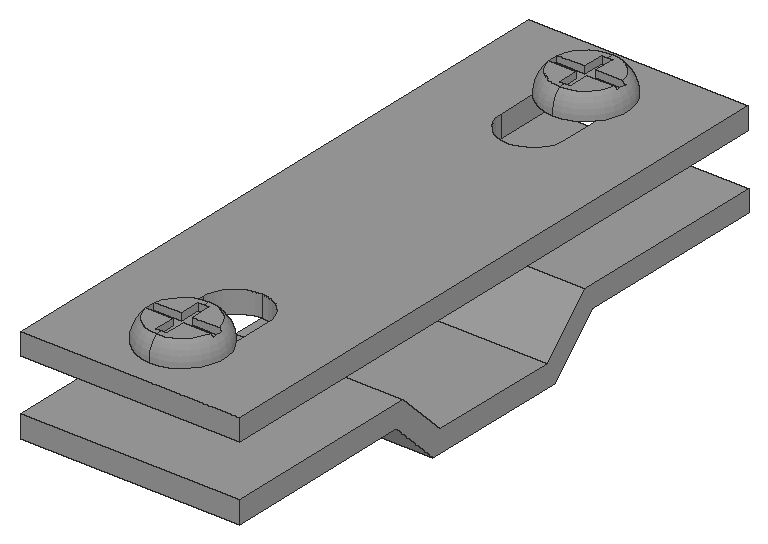
Revit family "Grapas para pletina tipo hebilla", category Equipos especializados, Revit 2017
Family settings
  Cota de conector redondo = Diámetro de uso
  Tipo de pieza = Normal
  Se basa en plano de trabajo = No
  Siempre vertical = Sí
  Corte con vacíos al cargar = No
  Compartido = Sí
  Punto de cálculo de habitación = No
Parameters
  URL = "https://at3w.com/"
  Referencia AT [instance] = "AT-240E"  # constant formula
  Rango de pletinas (mm) [instance] = "30 x 2 - 30 x 3,5"  # constant formula
  Peso (g) [instance] = 115  # constant formula
  Model = ""
  Material [instance] = Acero inox.
  Incluye [instance] = "Taco y tirafondo de M6 x 25"  # constant formula
  Fabricante = "APLICACIONES TECNOLÓGICAS"  # constant formula
  Elevación del conductor (mm) [instance] = "8"  # constant formula
  Dimensiones (mm) [instance] = "58 x 13 x 20"  # constant formula
  Descripción = "Grapa hebilla inoxidable para pletina. Ref. AT-240E"  # constant formula
  Código de montaje = "3.1"
Reference planes
  plane 1 "Centro (Frontal/Posterior)": y = 0
  plane 2: z = 0
  plane 3 "Centro (Izquierda/Derecha)": x = 0
  plane 4: y = -29
  plane 5: y = 29
  plane 6: z = 13
  plane 7: x = 10
  plane 8: y = 23.005
  plane 9: x = -10
  plane 10: y = -22.989
Forms (mm)
  Extrusion 1, solid, material "Acero inox." <- "Material"
    sketch origin (0, 0, 0) x (0, 1, 0) y (0, 0, 1)
      loop
        line (-6.116, 2) -> (-10.358, 6.243) -> (-29, 6.243) -> (-29, 4.243) -> (-11.187, 4.243) -> (-6.944, 0) -> (6.944, 0) -> (11.187, 4.243) -> (29, 4.243) -> (29, 6.243) -> (10.358, 6.243) -> (6.116, 2) -> (-6.116, 2)
      loop
        line (-29, 13) -> (-29, 11) -> (29, 11) -> (29, 13) -> (-29, 13)
    from -10 to 10
  Revolve 2, solid, material "Acero inox." <- "Material"
    sketch origin (0, 0, 0) x (0, 1, 0) y (0, 0, 1)
      loop
        line (23.005, 13) -> (23.005, 14.983) -> (20.005, 14.983)
        arc (20.005, 14.983) -> (19.386, 14.081) -> (19.218, 13) r 2.473
        line (19.218, 13) -> (23.005, 13)
      axis (23.005, 14.983) -> (23.005, 13)
    angle from 0 to 360
  Extrusion 3, void
    sketch origin (0, 0, 0) x (1, 0, 0) y (0, 1, 0)
      loop
        line (-3.162, 23.505) -> (-3.162, 22.505) -> (-0.5, 22.505) -> (-0.5, 20.605) -> (0.5, 20.605) -> (0.5, 22.505) -> (3.2, 22.505) -> (3.2, 23.505) -> (0.5, 23.505) -> (0.5, 25.405) -> (-0.5, 25.405) -> (-0.5, 23.505) -> (-3.162, 23.505)
    from 14.355 to 15.84
  Revolve 4, solid, material "Acero inox." <- "Material"
    sketch origin (0, -45.994, 0) x (0, 1, 0) y (0, 0, 1)
      loop
        line (23.005, 13) -> (23.005, 14.983) -> (20.005, 14.983)
        arc (20.005, 14.983) -> (19.386, 14.081) -> (19.218, 13) r 2.473
        line (19.218, 13) -> (23.005, 13)
      axis (23.005, 14.983) -> (23.005, 13)
    angle from 0 to 360
  Extrusion 5, void
    sketch origin (0, -45.994, 0) x (1, 0, 0) y (0, 1, 0)
      loop
        line (-3.162, 23.505) -> (-3.162, 22.505) -> (-0.5, 22.505) -> (-0.5, 20.605) -> (0.5, 20.605) -> (0.5, 22.505) -> (3.2, 22.505) -> (3.2, 23.505) -> (0.5, 23.505) -> (0.5, 25.405) -> (-0.5, 25.405) -> (-0.5, 23.505) -> (-3.162, 23.505)
    from 14.355 to 15.84
  Extrusion 6, void
    sketch origin (0, 0, 0) x (1, 0, 0) y (0, 1, 0)
      loop
        arc (-3, -22.989) -> (-2.121, -25.111) -> (0, -25.989) r 3
        arc (0, -25.989) -> (2.121, -25.111) -> (3, -22.989) r 3
        line (3, -22.989) -> (3, -16.979)
        arc (3, -16.979) -> (2.121, -14.858) -> (0, -13.979) r 3
        arc (0, -13.979) -> (-2.121, -14.858) -> (-3, -16.979) r 3
        line (-3, -16.979) -> (-3, -22.989)
    from 9.798 to 13
  Extrusion 7, void
    sketch origin (0, 39.983, 0) x (1, 0, 0) y (0, 1, 0)
      loop
        arc (-3, -22.989) -> (-2.121, -25.111) -> (0, -25.989) r 3
        arc (0, -25.989) -> (2.121, -25.111) -> (3, -22.989) r 3
        line (3, -22.989) -> (3, -16.979)
        arc (3, -16.979) -> (2.121, -14.858) -> (0, -13.979) r 3
        arc (0, -13.979) -> (-2.121, -14.858) -> (-3, -16.979) r 3
        line (-3, -16.979) -> (-3, -22.989)
    from 9.798 to 13
Cuts and joins
  Extrusion 3, Extrusion 5 cuts Revolve 2
  Extrusion 5, Extrusion 7 cuts Revolve 4
  Extrusion 6, Extrusion 7 cuts Extrusion 1
Dimensions and locks
  locked: plane 6 to plane 2 at 13
  equal spacing: plane 4, plane 1 "Centro (Frontal/Posterior)", plane 5
  equal spacing: plane 9, plane 3 "Centro (Izquierda/Derecha)", plane 7
  Extrusion 3 to plane 5 = 5.495 mm
  aligned and locked: level to plane 2
  aligned and locked: Revolve 2 sketch curve to plane 8
  aligned and locked: plane 9 to Extrusion 1
  aligned and locked: Extrusion 1 to plane 7
  aligned and locked: Revolve 4 sketch curve to plane 10
Automatic sketch dimensions
  Revolve 2 sketch curve to plane 6 = 0 mm
  Revolve 2 sketch curve to plane 8 = 0 mm
  plane 6 to Revolve 2 sketch curve = 0.169 mm
  plane 8 to Revolve 2 sketch curve = 1.319 mm
  Revolve 2 sketch curve to Revolve 2 sketch curve = 1.681 mm
  Revolve 2 sketch curve to Revolve 2 sketch curve = 0.787 mm
  level to Revolve 2 sketch curve = 1.102 mm
  Revolve 2 sketch curve to Revolve 2 sketch curve = 1.118 mm
  Extrusion 3 sketch curve to plane 3 "Centro (Izquierda/Derecha)" = 3.162 mm
  Extrusion 3 sketch curve to plane 3 "Centro (Izquierda/Derecha)" = 0.5 mm  (x2)
  plane 3 "Centro (Izquierda/Derecha)" to Extrusion 3 sketch curve = 0.5 mm  (x2)
  Extrusion 3 sketch curve to Extrusion 3 sketch curve = 2.7 mm
  plane 5 to Extrusion 3 sketch curve = 8.395 mm
  Extrusion 3 sketch curve to Extrusion 3 sketch curve = 1.9 mm  (x3)
  Extrusion 3 sketch curve to Extrusion 3 sketch curve = 1 mm  (x2)
  Revolve 4 sketch curve to plane 6 = 0 mm
  Revolve 4 sketch curve to plane 10 = 0 mm
  plane 6 to Revolve 4 sketch curve = 0.169 mm
  plane 10 to Revolve 4 sketch curve = 1.319 mm
  Revolve 4 sketch curve to Revolve 4 sketch curve = 1.681 mm
  Revolve 4 sketch curve to Revolve 4 sketch curve = 0.787 mm
  level to Revolve 4 sketch curve = 1.102 mm
  Revolve 4 sketch curve to Revolve 4 sketch curve = 1.118 mm
  Extrusion 5 sketch curve to plane 3 "Centro (Izquierda/Derecha)" = 3.162 mm
  Extrusion 5 sketch curve to plane 3 "Centro (Izquierda/Derecha)" = 0.5 mm  (x2)
  plane 3 "Centro (Izquierda/Derecha)" to Extrusion 5 sketch curve = 0.5 mm  (x2)
  Extrusion 5 sketch curve to Extrusion 5 sketch curve = 2.7 mm
  Extrusion 5 sketch curve to plane 4 = 3.611 mm
  Extrusion 5 sketch curve to Extrusion 5 sketch curve = 1.9 mm  (x3)
  Extrusion 5 sketch curve to Extrusion 5 sketch curve = 1 mm  (x2)
  Extrusion 6 sketch curve to Extrusion 6 sketch curve = 0 mm  (x6)
  Extrusion 6 sketch curve to plane 3 "Centro (Izquierda/Derecha)" = 0 mm
  Extrusion 6 sketch curve to plane 3 "Centro (Izquierda/Derecha)" = 3 mm
  Extrusion 6 sketch curve to plane 4 = 6.011 mm
  Extrusion 6 sketch curve to Extrusion 6 sketch curve = 6.011 mm
  Extrusion 7 sketch curve to Extrusion 7 sketch curve = 0 mm  (x6)
  Extrusion 7 sketch curve to plane 3 "Centro (Izquierda/Derecha)" = 0 mm
  Extrusion 7 sketch curve to plane 3 "Centro (Izquierda/Derecha)" = 3 mm
  Extrusion 7 sketch curve to plane 1 "Centro (Frontal/Posterior)" = 16.994 mm
  Extrusion 7 sketch curve to Extrusion 7 sketch curve = 6.011 mm
  Extrusion 1 sketch curve to plane 4 = 0 mm  (x2)
  Extrusion 1 sketch curve to plane 5 = 0 mm  (x2)
  Extrusion 1 sketch curve to plane 6 = 0 mm
  level to Extrusion 1 sketch curve = 4.243 mm
  plane 1 "Centro (Frontal/Posterior)" to Extrusion 1 sketch curve = 11.187 mm
  Extrusion 1 sketch curve to Extrusion 1 sketch curve = 0.828 mm  (x4)
  Extrusion 1 sketch curve to Extrusion 1 sketch curve = 4.243 mm
  level to Extrusion 1 sketch curve = 2 mm
  Extrusion 1 sketch curve to plane 1 "Centro (Frontal/Posterior)" = 10.358 mm
  Extrusion 1 sketch curve to Extrusion 1 sketch curve = 2.243 mm
  Extrusion 1 sketch curve to Extrusion 1 sketch curve = 2 mm  (x2)
  Extrusion 1 sketch curve to plane 6 = 2 mm
  Extrusion 1 sketch curve to Extrusion 1 sketch curve = 5.071 mm
  Extrusion 1 sketch curve to level = 0 mm
